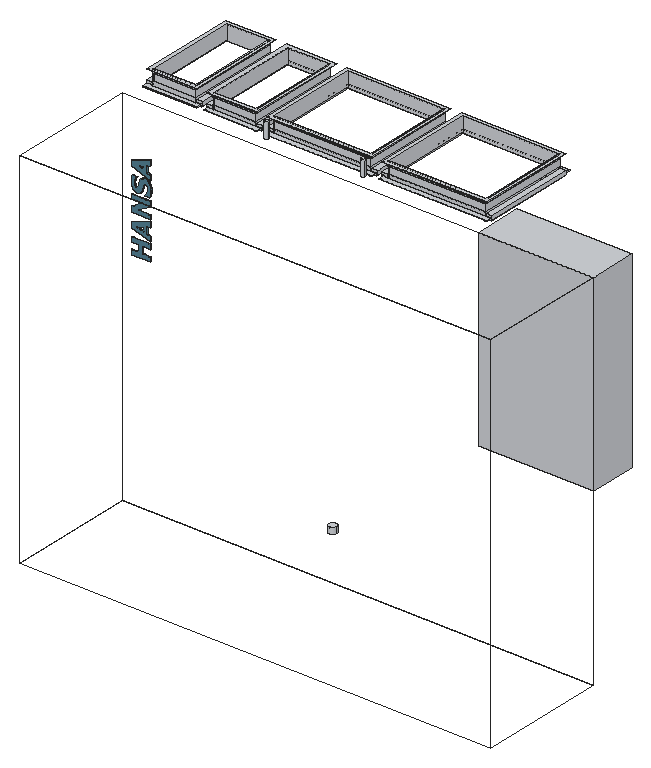
Revit family "KL-P-015-L", category HLS-Bauteile, Revit 2020
Family settings
  Bemaßung runder Anschluss = Durchmesser verwenden
  Klassifizierung = Keine
  Teiletyp = Normal
  Arbeitsebenenbasiert = Nein
  Immer vertikal = Ja
  Beim Laden mit Abzugskörper schneiden = Nein
  Gemeinsam genutzt = Nein
  Raumberechnungspunkt = Nein
Parameters
  Zuluftbreite [instance] = 505 mm  # constant formula
  Vorgabe-Ansicht = 0 mm
  TyS [instance] = size_lookup("TyS_Hansa_KL_P", "", "ND", RLT_Serie, Gehaeuserichtung, Gehaeuseausfuehrung, RLT_MSR_KZ)  # "KL-P-015-L-eCO"
  Schaltschrankbreite [instance] = 600 mm
  Schaltschrank_montiert [instance] = yes
  SSaG [instance] = and(or(Regelung SAIA, Regelung OJ), Schaltschrank_montiert)  # yes
  Regelung SAIA [instance] = no
  Regelung OJ [instance] = yes
  RLT_Volumenstrom_max = 1500 m³/h  # constant formula
  RLT_Volumenstrom_Unit_2 [instance] = 1500 m³/h
  RLT_Volumenstrom_Unit_1 [instance] = 1500 m³/h
  RLT_Typenschlüssel [instance] = TyS  # "KL-P-015-L-eCO"
  RLT_Serie = "KL-P-015"  # constant formula
  RLT_Material_außen [instance] = Stahlblech verzinkt + RAL 9002
  RLT_MSR_KZ [instance] = if(Regelung SAIA, "eCS", if(Regelung OJ, "eCO", "-"))  # "eCO"
  RLT_Länge [instance] = L  # 1860 mm
  RLT_Höhe = H  # 1790 mm
  RLT_Gewicht [instance] = size_lookup("TD_Hansa_KL_P", "Gewicht", 0 mm, TyS) / 1 mm * 1.00 kg  # 0.00 kg
  RLT_Breite = B  # 670 mm
  Modell = "KL-P-015-L"  # constant formula
  L2 = 1230 mm  # constant formula
  L1 = 630 mm  # constant formula
  L = L1 + L2  # 1860 mm
  Kanaltiefe [instance] = RLT_Breite - 190 mm  # 480 mm
  Hersteller = "Hansa"  # constant formula
  H = 1790 mm  # constant formula
  GeräteOK [instance] = H + Fuß  # 1910 mm
  Gehaeuserichtung [instance] = "L"  # constant formula
  Gehaeuseausfuehrung [instance] = "ungeteilt"  # constant formula
  GD_Spannung [instance] = 230 V
  GD_Phasen [instance] = 1
  GD_Nennstrom [instance] = 0 A
  GD_Anschlussleistung [instance] = 0 W
  Fuß [instance] = 120 mm  # constant formula
  Fortluftbreite = 220 mm  # constant formula
  Bedienzone [instance] = yes
  Baugruppe [instance] = "RLT-Gerät"  # constant formula
  BZl [instance] = if(and(or(Regelung SAIA, Regelung OJ), Schaltschrank_montiert), L + Schaltschrankbreite, L)  # 2460 mm
  B = 670 mm  # constant formula
  Außenluftbreite = 220 mm  # constant formula
  Abluftbreite [instance] = 505 mm  # constant formula
Reference planes
  plane 1 "Mitte (Vorne/hinten)": y = 0
  plane 2: z = 0
  plane 3 "Mitte (Links/rechts)": x = 0
  plane 4: x = -930
  plane 5: x = 930
  plane 6 "GV": y = -335
  plane 7 "GH": y = 335
  plane 8 "OKG": z = 1910
  plane 9: y = 272.5
  plane 10: y = -312.5
  plane 11: x = -867.5
  plane 12: x = 867.5
  plane 13: x = -647.5
  plane 14: x = -552.5
  plane 15: x = -332.5
  plane 16: x = 362.5
  plane 17: x = 267.5
  plane 18: x = -237.5
  plane 19: z = 1990
  plane 20 "UKG": z = 120
  plane 21: y = -85
  plane 22: y = -125
  plane 23: z = 90
  plane 24: y = -259
  plane 25: x = -300
  plane 26: y = -1005
  plane 27: x = 1530
Forms (mm)
  Extrusion 1, solid, visible <- "SSaG"
    sketch origin (-51.559, 0, -70) x (1, 0, 0) y (0, 0, 1)
      loop
        line (981.559, 1980) -> (981.559, 980) -> (1581.559, 980) -> (1581.559, 1980) -> (981.559, 1980)
    from 335 to 85
  Extrusion 2, solid
    sketch origin (0, 0, 0) x (1, 0, 0) y (0, 1, 0)
      loop
        circle (0, -125) r 20
    from 120 to 90
  Extrusion 3, solid
    sketch origin (0, 0, 0) x (1, 0, 0) y (0, 1, 0)
      loop
        circle (-237.5, -259) r 10
      loop
        circle (267.5, -259) r 10
    from 1990 to 1910
  Extrusion 4, solid, material "Glas - klar", visible <- "Bedienzone"
    sketch origin (0, 0, 0) x (1, 0, 0) y (0, 1, 0)
      loop
        line (-930, -335) -> (-930, -1005) -> (1530, -1005) -> (1530, -335) -> (-930, -335)
    from 1910 to 0
Dimensions and locks
  equal spacing: plane 4, plane 3 "Mitte (Links/rechts)", plane 5
  "L": plane 4 to plane 5
  "B": plane 7 "GH" to plane 6 "GV"
  locked: plane 7 "GH" to plane 9 at 62.5
  locked: plane 4 to plane 11 at 62.5
  locked: plane 12 to plane 5 at 62.5
  "Fortluftbreite": plane 11 to plane 13
  locked: plane 13 to plane 14 at 95
  "Außenluftbreite": plane 14 to plane 15
  "Abluftbreite": plane 16 to plane 12
  locked: plane 17 to plane 16 at 95
  "Zuluftbreite": plane 18 to plane 17
  plane 15 to plane 18 = 95 mm
  locked: nested 3 to plane 16 at 95
  "Fuß": plane 20 "UKG" to level
  plane 19 to plane 8 "OKG" = 80 mm
  locked: plane 4 to nested 1 at 62.5
  locked: plane 13 to nested 2 at 95
  locked: nested 4 to plane 5 at 62.5
  Extrusion 1 to plane 5 = 600 mm
  "RLT_Höhe": plane 8 "OKG" to plane 20 "UKG"
  equal spacing: plane 7 "GH", plane 1 "Mitte (Vorne/hinten)", plane 6 "GV"
  locked: plane 6 "GV" to plane 21 at 250
  locked: plane 6 "GV" to plane 22 at 210
  plane 20 "UKG" to plane 23 = 30 mm
  locked: plane 24 to plane 6 "GV" at 76
  "L1": plane 4 to plane 25
  "B": plane 26 to plane 6 "GV"
  "BZl": Extrusion 4 to Extrusion 4
  "Schaltschrankbreite": plane 5 to plane 27
  aligned and locked: level to plane 2
  aligned and locked: Extrusion 1 to plane 5
  aligned and locked: Extrusion 1 to plane 8 "OKG"
  aligned and locked: plane 6 "GV" to Extrusion 1
  aligned and locked: plane 21 to Extrusion 1
  aligned and locked: plane 20 "UKG" to Extrusion 2
  aligned and locked: Extrusion 2 to plane 23
  aligned and locked: Extrusion 3 to plane 8 "OKG"
  aligned and locked: plane 19 to Extrusion 3
  aligned and locked: plane 4 to Extrusion 4
  aligned and locked: Extrusion 4 to plane 6 "GV"
  aligned and locked: Extrusion 4 to plane 26
  aligned and locked: plane 8 "OKG" to Extrusion 4
  aligned and locked: plane 27 to Extrusion 1
  aligned and locked: plane 7 "GH" to nested 6
  aligned and locked: plane 4 to nested 6
Automatic sketch dimensions
  plane 5 to Extrusion 1 sketch curve = 0 mm
  Extrusion 1 sketch curve to plane 8 "OKG" = 0 mm
  plane 5 to Extrusion 1 sketch curve = 600 mm
  plane 20 "UKG" to Extrusion 1 sketch curve = 790 mm
  Extrusion 2 sketch curve to plane 3 "Mitte (Links/rechts)" = 0 mm
  Extrusion 2 sketch curve to plane 22 = 0 mm
  Extrusion 3 sketch curve to plane 18 = 0 mm
  Extrusion 3 sketch curve to plane 17 = 0 mm
  Extrusion 3 sketch curve to plane 24 = 0 mm  (x2)
  Extrusion 4 sketch curve to plane 4 = 0 mm
  plane 5 to Extrusion 4 sketch curve = 600 mm
  Extrusion 4 sketch curve to plane 26 = 0 mm
  plane 6 "GV" to Extrusion 4 sketch curve = 0 mm
  radius of Extrusion 2 sketch curve = 20 mm
  radius of Extrusion 3 sketch curve = 10 mm  (x2)
Nested families
  nested 1: "Kanalstutzen" at (-757.5, 29.209, 1910) x (1, 0, 0) z (0, -1, 0), 2570_EST_Breite <- "Fortluftbreite", 2571_EST_Höhe <- "Kanaltiefe", built-in parameter 1001360 <- "GeräteOK", type "Kanalstutzen"
    with Tiefe 80 mm, RahmenG2 20 mm, RahmenG1 30 mm, Höhe 480 mm, Breite 220 mm, 2572_EST_Tiefe 80 mm, 2571_EST_Höhe 480 mm, 2570_EST_Breite 220 mm, 1966_EST_Rahmentyp ""
  nested 2: "Kanalstutzen" at (-442.5, 29.209, 1910) x (1, 0, 0) z (0, -1, 0), 2570_EST_Breite <- "Außenluftbreite", 2571_EST_Höhe <- "Kanaltiefe", built-in parameter 1001360 <- "GeräteOK", type "Kanalstutzen"
    with Tiefe 80 mm, RahmenG2 20 mm, RahmenG1 30 mm, Höhe 480 mm, Breite 220 mm, 2572_EST_Tiefe 80 mm, 2571_EST_Höhe 480 mm, 2570_EST_Breite 220 mm, 1966_EST_Rahmentyp ""
  nested 3: "Kanalstutzen" at (15, 29.209, 1910) x (1, 0, 0) z (0, -1, 0), 2570_EST_Breite <- "Zuluftbreite", 2571_EST_Höhe <- "Kanaltiefe", built-in parameter 1001360 <- "GeräteOK", type "Kanalstutzen"
    with Tiefe 80 mm, RahmenG2 20 mm, RahmenG1 30 mm, Höhe 480 mm, Breite 505 mm, 2572_EST_Tiefe 80 mm, 2571_EST_Höhe 480 mm, 2570_EST_Breite 505 mm, 1966_EST_Rahmentyp ""
  nested 4: "Kanalstutzen" at (615, 29.209, 1910) x (1, 0, 0) z (0, -1, 0), 2570_EST_Breite <- "Abluftbreite", 2571_EST_Höhe <- "Kanaltiefe", built-in parameter 1001360 <- "GeräteOK", type "Kanalstutzen"
    with Tiefe 80 mm, RahmenG2 20 mm, RahmenG1 30 mm, Höhe 480 mm, Breite 505 mm, 2572_EST_Tiefe 80 mm, 2571_EST_Höhe 480 mm, 2570_EST_Breite 505 mm, 1966_EST_Rahmentyp ""
  nested 5: "Hansa_Aufkleber_klein" at (-780, -335, 1390) x (0, 0, 1) z (0, -1, 0), type "Hansa_Aufkleber_klein"
  nested 6: "P-015-L_ipt" at (0, 0, 0), type "Norm"
Connectors
  hvac at (-757.5, 29.209, 1989), driven by "RLT_Volumenstrom_Unit_2", driven by "Fortluftbreite", driven by "Kanaltiefe"
    settings: on nested 1, index 1, duct flow 1500 m³/h, flow factor 0, pres drop 0.0 Pa, loss coef 0, conn angle 0.00°, conn width 220 mm, conn height 480 mm, conn diameter 609.6 mm, duct sys type 3, conn prof type 1, flow config 1, flow direction 2, loss method 0, conn ref index -1, conn util no, is conn primary yes, conn desc ""
  hvac at (-442.5, 29.209, 1989), driven by "RLT_Volumenstrom_Unit_1", driven by "Außenluftbreite", driven by "Kanaltiefe"
    settings: on nested 2, index 2, duct flow 1500 m³/h, flow factor 0, pres drop 0.0 Pa, loss coef 0, conn angle 0.00°, conn width 220 mm, conn height 480 mm, conn diameter 609.6 mm, duct sys type 1, conn prof type 1, flow config 1, flow direction 1, loss method 0, conn ref index -1, conn util no, is conn primary no, conn desc ""
  hvac at (15, 29.209, 1989), driven by "RLT_Volumenstrom_Unit_1", driven by "Zuluftbreite", driven by "Kanaltiefe"
    settings: on nested 3, index 3, duct flow 1500 m³/h, flow factor 0, pres drop 0.0 Pa, loss coef 0, conn angle 0.00°, conn width 505 mm, conn height 480 mm, conn diameter 609.6 mm, duct sys type 1, conn prof type 1, flow config 0, flow direction 2, loss method 0, conn ref index -1, conn util no, is conn primary no, conn desc ""
  hvac at (615, 29.209, 1989), driven by "RLT_Volumenstrom_Unit_2", driven by "Abluftbreite", driven by "Kanaltiefe"
    settings: on nested 4, index 4, duct flow 1500 m³/h, flow factor 0, pres drop 0.0 Pa, loss coef 0, conn angle 0.00°, conn width 505 mm, conn height 480 mm, conn diameter 609.6 mm, duct sys type 2, conn prof type 1, flow config 0, flow direction 1, loss method 0, conn ref index -1, conn util no, is conn primary no, conn desc ""
  piping at (0, -125, 90), diameter 40
    settings: on Extrusion 2, index 5, connector inside diameter 609.6 mm, connector length 0 mm, flow factor 0, pipe flow 0.0 L/s, pressure drop 0.0 Pa, fitting loss kfactor 0, connector angle 0.00°, fixture units 0, engagement length 0 mm, angle of deflection 0.00°, flow configuration 0, flow direction 2, fitting loss method 0, system type 16, joint type 0, gender type 0, connector reference index -1, connector utility 0, adjustable connector no, is connector primary yes, connector description ""
  piping at (-237.5, -259, 1990), diameter 20
    settings: on Extrusion 3, index 6, connector inside diameter 609.6 mm, connector length 0 mm, flow factor 0, pipe flow 0.0 L/s, pressure drop 0.0 Pa, fitting loss kfactor 0, connector angle 0.00°, fixture units 0, engagement length 0 mm, angle of deflection 0.00°, flow configuration 0, flow direction 1, fitting loss method 0, system type 7, joint type 0, gender type 0, connector reference index -1, connector utility 0, adjustable connector no, is connector primary no, connector description ""
  piping at (267.5, -259, 1990), diameter 20
    settings: on Extrusion 3, index 7, connector inside diameter 609.6 mm, connector length 0 mm, flow factor 0, pipe flow 0.0 L/s, pressure drop 0.0 Pa, fitting loss kfactor 0, connector angle 0.00°, fixture units 0, engagement length 0 mm, angle of deflection 0.00°, flow configuration 0, flow direction 2, fitting loss method 0, system type 19, joint type 0, gender type 0, connector reference index -1, connector utility 0, adjustable connector no, is connector primary no, connector description ""
Definition of nested family "Kanalstutzen"
  Parameters (values of type "Kanalstutzen")
    Default Elevation = 0 mm
    Tiefe [instance] = [2572_EST_Tiefe]  # 80 mm
    RahmenG2 [instance] = 20 mm
    RahmenG1 [instance] = 30 mm
    Höhe [instance] = [2571_EST_Höhe]  # 500 mm
    Manufacturer = "Hansa"
    Breite [instance] = [2570_EST_Breite]  # 1000 mm
    Description = "Durchbruchsverkleidung"
    2572_EST_Tiefe [instance] = 80 mm
    2571_EST_Höhe [instance] = 500 mm
    2570_EST_Breite [instance] = 1000 mm
    1966_EST_Rahmentyp [instance] = ""
  Reference planes
    plane 1 "Mitte (Vorne/hinten)": y = 0
    plane 2: z = 0
    plane 3 "Mitte (Links/rechts)": x = 0
    plane 4: x = -500
    plane 5: x = 500
    plane 6 "hinten": y = 80
    plane 7: z = 250
    plane 8: z = -250
    plane 9 "R1links": x = -530
    plane 10 "R1rechts": x = 530
    plane 11 "R2links": x = -520
    plane 12 "R2rechts": x = 520
    plane 13 "R1oben": z = 280
    plane 14 "R1unten": z = -280
    plane 15: z = -270
    plane 16: z = 270
  Forms (mm)
    Sweep 1, solid
      path origin (0, 0, 0) x (1, 0, 0) y (0, 0, 1)
        loop
          line (-500, 250) -> (-500, -250) -> (500, -250) -> (500, 250) -> (-500, 250)
      profile origin (0, 0, 250) x (0, 0, 1) y (0, -1, 0)
        loop
          line (0, -40) -> (0, -80) -> (20, -80) -> (20, -79) -> (1.999, -79) -> (1.999, -59) -> (0.962, -59) -> (0.962, -21.406) -> (1.999, -21.406) -> (1.999, -1.406) -> (30, -1.406) -> (30, 0) -> (0, 0) -> (0, -40)
  Dimensions and locks
    equal spacing: plane 4, plane 3 "Mitte (Links/rechts)", plane 5
    "Breite": plane 4 to plane 5
    equal spacing: plane 7, level, plane 8
    "Höhe": plane 7 to plane 8
    "RahmenG1": plane 9 "R1links" to plane 4
    "RahmenG1": plane 5 to plane 10 "R1rechts"
    "RahmenG2": plane 11 "R2links" to plane 4
    "RahmenG2": plane 5 to plane 12 "R2rechts"
    "RahmenG1": plane 13 "R1oben" to plane 7
    "RahmenG1": plane 8 to plane 14 "R1unten"
    "RahmenG2": plane 16 to plane 7
    "RahmenG2": plane 8 to plane 15
    Sweep 1 sketch curve to Sweep 1 sketch curve = 1.406 mm
    Sweep 1 sketch curve to Sweep 1 sketch curve = 1 mm
    Sweep 1 sketch curve to Sweep 1 sketch curve = 0.962 mm
    "2572_EST_Tiefe": plane 6 "hinten" to plane 1 "Mitte (Vorne/hinten)"
    aligned and locked: level to plane 2
    aligned and locked: plane 16 to Sweep 1 sketch curve
    aligned and locked: plane 13 "R1oben" to Sweep 1 sketch curve
    aligned and locked: plane 1 "Mitte (Vorne/hinten)" to Sweep 1
    aligned and locked: plane 1 "Mitte (Vorne/hinten)" to nested 1
    aligned and locked: nested 1 to plane 10 "R1rechts"
    aligned and locked: nested 2 to plane 9 "R1links"
    aligned and locked: plane 8 to nested 2
    aligned and locked: nested 1 to plane 8
  Automatic sketch dimensions
    plane 4 to Sweep 1 sketch curve = 0 mm
    plane 5 to Sweep 1 sketch curve = 0 mm
    Sweep 1 sketch curve to plane 8 = 0 mm
    Sweep 1 sketch curve to plane 7 = 0 mm
    Sweep 1 sketch curve to plane 1 "Mitte (Vorne/hinten)" = 0 mm
    profile plane to Sweep 1 sketch curve = 0 mm
    Sweep 1 sketch curve to profile plane = 1.999 mm  (x2)
    Sweep 1 sketch curve to Sweep 1 sketch curve = 20 mm  (x2)
    Sweep 1 sketch curve to Sweep 1 sketch curve = 18.594 mm
    Sweep 1 sketch curve to Sweep 1 sketch curve = 19 mm
  Nested families
    nested 1: "EGJK30" at (520, 0, -250), L <- "Höhe", type "EGJK30"
      with L 500 mm
    nested 2: "EGJK30" at (-520, 0, -250) x (-1, 0, 0) z (0, 0, 1), L <- "Höhe", type "EGJK30"
      with L 500 mm
  Definition of nested family "EGJK30"
    Parameters (values of type "EGJK30")
      Default Elevation = 0 mm
      L [instance] = 1000 mm
    Reference planes
      plane 1 "Mitte (Vorne/hinten)": y = 0
      plane 2: z = 0
      plane 3 "Mitte (Links/rechts)": x = 0
    Forms (mm)
      Extrusion 1, solid
        sketch origin (16.67, -35.46, 0) x (1, 0, 0) y (0, 1, 0)
          loop
            line (-26.67, 25.46) -> (-6.67, 25.46) -> (-6.67, 30.46) -> (-1.67, 30.46) -> (-1.67, 50.46) -> (-34.67, 50.46) -> (-34.67, 38.46) -> (-5.67, 38.46) -> (-5.67, 35.46) -> (-25.67, 35.46) -> (-25.67, 36.96) -> (-34.67, 36.96) -> (-34.67, 33.96) -> (-26.67, 25.46)
        from 0 to 1000
    Dimensions and locks
      "L": Extrusion 1 to Extrusion 1
      aligned and locked: level to plane 2
    Automatic sketch dimensions
      plane 1 "Mitte (Vorne/hinten)" to Extrusion 1 sketch curve = 0 mm
      Extrusion 1 sketch curve to plane 3 "Mitte (Links/rechts)" = 18 mm
      plane 1 "Mitte (Vorne/hinten)" to Extrusion 1 sketch curve = 1.5 mm
      Extrusion 1 sketch curve to Extrusion 1 sketch curve = 0 mm
      Extrusion 1 sketch curve to plane 3 "Mitte (Links/rechts)" = 10 mm
      Extrusion 1 sketch curve to plane 3 "Mitte (Links/rechts)" = 9 mm
      plane 1 "Mitte (Vorne/hinten)" to Extrusion 1 sketch curve = 5 mm
      plane 3 "Mitte (Links/rechts)" to Extrusion 1 sketch curve = 10 mm
      Extrusion 1 sketch curve to Extrusion 1 sketch curve = 1 mm
      Extrusion 1 sketch curve to Extrusion 1 sketch curve = 5 mm
      plane 1 "Mitte (Vorne/hinten)" to Extrusion 1 sketch curve = 10 mm
      Extrusion 1 sketch curve to plane 1 "Mitte (Vorne/hinten)" = 1.5 mm
      Extrusion 1 sketch curve to Extrusion 1 sketch curve = 1.5 mm
      Extrusion 1 sketch curve to Extrusion 1 sketch curve = 12 mm
Definition of nested family "Hansa_Aufkleber_klein"
  Parameters (values of type "Hansa_Aufkleber_klein")
    Default Elevation = 1219.2 mm
  Reference planes
    plane 1 "Mitte (Vorne/hinten)": y = 0
    plane 2: z = 0
    plane 3 "Mitte (Links/rechts)": x = 0
  Forms (mm)
    Extrusion 1, solid, detail levels medium+fine
      sketch origin (6.994, -10.767, 0) x (1, 0, 0) y (0, 1, 0)
        loop
          line (-226.694, 10.767) -> (-201.573, 10.767) -> (-201.573, 55.095) -> (-167.456, 55.095) -> (-167.456, 10.767) -> (-142.335, 10.767) -> (-142.335, 110.767) -> (-167.456, 110.767) -> (-167.456, 74.138) -> (-201.573, 74.138) -> (-201.573, 110.767) -> (-226.694, 110.767) -> (-226.694, 10.767)
        loop
          line (202.074, 82.404) -> (191.782, 49.341) -> (212.284, 49.341) -> (202.074, 82.404)
        loop
          line (188.703, 110.767) -> (154.91, 10.767) -> (180.032, 10.767) -> (186.353, 31.189) -> (217.795, 31.189) -> (224.035, 10.767) -> (249.886, 10.767) -> (216.093, 110.767) -> (188.703, 110.767)
        loop
          line (34.084, 10.767) -> (58.233, 10.767) -> (58.233, 110.767) -> (35.299, 110.767) -> (35.299, 53.474) -> (3.37, 110.767) -> (-27.424, 110.767) -> (-27.424, 10.767) -> (-4.49, 10.767) -> (-4.49, 80.459) -> (34.084, 10.767)
        loop
          line (-85.203, 82.404) -> (-95.495, 49.341) -> (-74.993, 49.341) -> (-85.203, 82.404)
        loop
          line (-98.575, 110.767) -> (-132.367, 10.767) -> (-107.245, 10.767) -> (-100.925, 31.189) -> (-69.482, 31.189) -> (-63.242, 10.767) -> (-37.391, 10.767) -> (-71.184, 110.767) -> (-98.575, 110.767)
        loop
          line (73.143, 16.683) -> (80.903, 13.695) -> (89.27, 11.213) -> (93.783, 10.238) -> (98.65, 9.542) -> (103.872, 9.124) -> (109.448, 8.984) -> (114.303, 9.126) -> (118.902, 9.552) -> (123.243, 10.261) -> (127.327, 11.253) -> (131.154, 12.53) -> (134.724, 14.09) -> (138.037, 15.933) -> (141.093, 18.061) -> (143.838, 20.421) -> (146.216, 22.963) -> (148.229, 25.688) -> (149.876, 28.595) -> (151.156, 31.685) -> (152.071, 34.957) -> (152.62, 38.411) -> (152.803, 42.048) -> (152.724, 44.578) -> (152.487, 46.981) -> (152.091, 49.257) -> (151.537, 51.407) -> (150.825, 53.431) -> (149.954, 55.328) -> (148.925, 57.098) -> (147.738, 58.741) -> (144.874, 61.745) -> (141.346, 64.434) -> (137.155, 66.81) -> (132.301, 68.871) -> (127.124, 70.542) -> (122.293, 71.829) -> (112.609, 74.057) -> (109.035, 74.977) -> (106.095, 75.952) -> (103.788, 76.982) -> (102.114, 78.069) -> (100.927, 79.287) -> (100.078, 80.713) -> (99.569, 82.346) -> (99.4, 84.187) -> (99.506, 85.453) -> (99.825, 86.659) -> (100.357, 87.803) -> (101.101, 88.887) -> (102.965, 90.731) -> (105.153, 92.048) -> (107.99, 93.142) -> (110.664, 93.83) -> (113.439, 94.195) -> (116.579, 94.317) -> (120.768, 94.112) -> (124.906, 93.496) -> (128.993, 92.471) -> (133.03, 91.035) -> (136.889, 89.3) -> (140.445, 87.378) -> (143.697, 85.268) -> (146.644, 82.971) -> (148.832, 82.971) -> (148.832, 105.824) -> (145.231, 107.285) -> (141.397, 108.589) -> (137.33, 109.737) -> (133.03, 110.727) -> (128.608, 111.524) -> (124.177, 112.094) -> (119.735, 112.436) -> (115.283, 112.55) -> (110.919, 112.414) -> (106.741, 112.006) -> (102.749, 111.325) -> (98.944, 110.372) -> (95.324, 109.147) -> (91.891, 107.65) -> (88.644, 105.88) -> (85.583, 103.839) -> (82.8, 101.578) -> (80.389, 99.151) -> (78.348, 96.559) -> (76.679, 93.8) -> (75.38, 90.876) -> (74.453, 87.786) -> (73.896, 84.53) -> (73.711, 81.108) -> (74.025, 76.136) -> (74.967, 71.596) -> (76.537, 67.486) -> (78.735, 63.806) -> (80.094, 62.119) -> (81.657, 60.522) -> (83.426, 59.014) -> (85.4, 57.597) -> (87.58, 56.269) -> (89.964, 55.031) -> (92.553, 53.884) -> (95.348, 52.826) -> (100.625, 51.195) -> (106.247, 49.868) -> (111.869, 48.642) -> (117.147, 47.315) -> (119.104, 46.707) -> (120.925, 45.937) -> (122.609, 45.006) -> (124.156, 43.912) -> (125.451, 42.645) -> (126.375, 41.197) -> (126.929, 39.566) -> (127.114, 37.753) -> (127, 36.17) -> (126.658, 34.744) -> (126.089, 33.475) -> (125.291, 32.364) -> (123.275, 30.53) -> (120.874, 29.163) -> (118.413, 28.312) -> (115.242, 27.704) -> (112.052, 27.339) -> (109.529, 27.218) -> (105.242, 27.433) -> (100.889, 28.079) -> (96.47, 29.155) -> (91.985, 30.662) -> (87.561, 32.569) -> (83.324, 34.845) -> (79.274, 37.492) -> (75.413, 40.508) -> (73.143, 40.508) -> (73.143, 16.683)
      from 0 to 2
  Dimensions and locks
    aligned and locked: level to plane 2
Definition of nested family "P-015-L_ipt"
  Parameters (values of type "Norm")
    Default Elevation = 0 mm
  Reference planes
    plane 1 "Mitte (Vorne/Hinten)": y = 0
    plane 2: z = 0
    plane 3 "Mitte (Links/Rechts)": x = 0
  Dimensions and locks
    aligned and locked: level to plane 2
